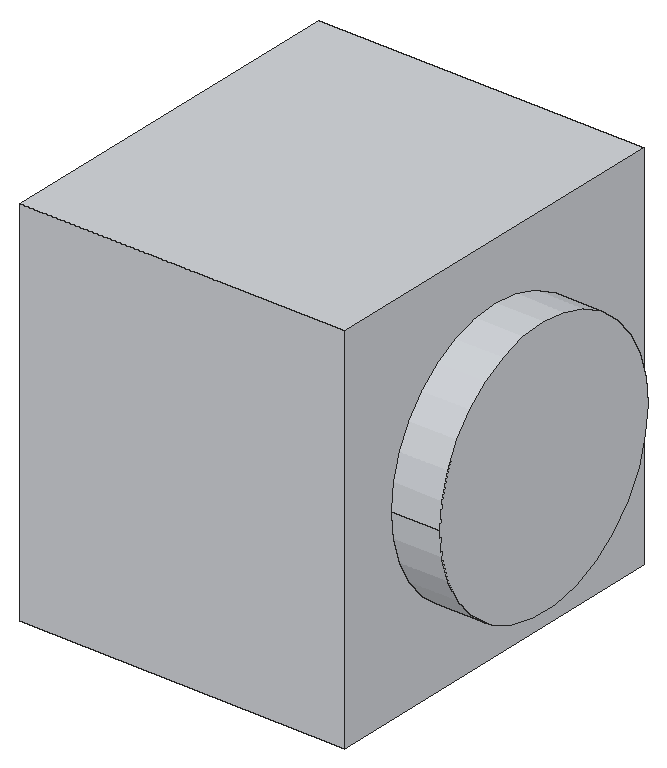
Revit family "ec7710347f3040aa915101915ac7aee1", category Duct Fittings, Revit 2021
Family settings
  Round Connector Dimension = Use Radius
  Part Type = Transition
  OmniClass Number = 23.75.70.11.14.24
  OmniClass Title = Air Mixers
  Seek Item ID = VAV Outlet Plenum - Transition-0000-USA-ENU
  Work Plane-Based = No
  Always vertical = Yes
  Cut with Voids When Loaded = No
  Shared = No
Parameters (values of type "Standard")
  Pressure Drop = 0.01 in-wg
  Plenum Width = Duct Width + 0' 1 1/2"  # 11 1/2"
  Plenum Material = none
  Plenum Length = 10"
  Plenum Height = Duct Height + 0' 1 1/2"  # 11 1/2"
  Length 4 = 0' 0 1/2" + Plenum Length  # 10 1/2"
  Length 3 = 0' 0 1/2" + Plenum Length  # 10 1/2"
  Length 1 = 0' 0 1/2"  # 1/2"
  Flow = 300 CFM
  Duct Width = 10"
  Duct Radius = 4"
  Duct Height = 10"
  Duct Diameter = Duct Radius * 2  # 8"
  Default Elevation = 0' - 0"
Reference planes (in)
  plane 1 "Center (Front/Back)": y = 0
  plane 2: z = 0
  plane 3 "Center (Left/Right)": x = 0
  plane 4: x = 0.5
  plane 5: x = 10.5
  plane 6: x = 12
  plane 7: y = 5.75
  plane 8: y = -5.75
  plane 9: z = 5.75
  plane 10: z = -5.75
Forms (in)
  Extrusion 1, solid, material <- "Plenum Material"
    sketch origin (0, 0, 0) x (1, 0, 0) y (0, 1, 0)
      loop
        line (0.5, 5.75) -> (0.5, -5.75) -> (10.5, -5.75) -> (10.5, 5.75) -> (0.5, 5.75)
    from -5.75 to 5.75
  Extrusion 2, solid, material <- "Plenum Material"
    sketch origin (0, 0, 0) x (0, 1, 0) y (0, 0, 1)
      loop
        line (5, 5) -> (-5, 5) -> (-5, -5) -> (5, -5) -> (5, 5)
    from 0.5 to 0
  Extrusion 3, solid, material <- "Plenum Material"
    sketch origin (0, 0, 0) x (0, 1, 0) y (0, 0, 1)
      loop
        circle (0, 0) r 4
    from 12 to 10.5
Dimensions and locks (in)
  locked: plane 3 "Center (Left/Right)" to plane 4 at 0.5
  "Plenum Length": plane 4 to plane 5
  locked: plane 5 to plane 6 at 1.5
  equal spacing: plane 7, plane 1 "Center (Front/Back)", plane 8
  "Plenum Width": plane 7 to plane 8
  equal spacing: plane 9, plane 2, plane 10
  "Plenum Height": plane 9 to plane 10
  equal spacing: Extrusion 2 sketch curve, plane 1 "Center (Front/Back)", Extrusion 2 sketch curve
  "Duct Width": Extrusion 2 sketch curve to Extrusion 2 sketch curve
  equal spacing: Extrusion 2 sketch curve, plane 2, Extrusion 2 sketch curve
  "Duct Height": Extrusion 2 sketch curve to Extrusion 2 sketch curve
  "Duct Radius": radius of Extrusion 3 sketch curve
  aligned and locked: plane 2 to level
  aligned and locked: Extrusion 1 sketch curve to plane 7
  aligned and locked: plane 4 to Extrusion 1 sketch curve
  aligned and locked: Extrusion 1 sketch curve to plane 8
  aligned and locked: Extrusion 1 sketch curve to plane 5
  aligned and locked: Extrusion 1 to plane 10
  aligned and locked: plane 9 to Extrusion 1
  aligned and locked: plane 2 to Extrusion 3 sketch curve
  aligned and locked: plane 1 "Center (Front/Back)" to Extrusion 3 sketch curve
  aligned and locked: plane 4 to Extrusion 2
  aligned and locked: Extrusion 2 to plane 3 "Center (Left/Right)"
  aligned and locked: Extrusion 3 to plane 5
  aligned and locked: plane 6 to Extrusion 3
Connectors (in)
  hvac at (0, 0, 0), driven by "Duct Height", driven by "Duct Width"
    settings: on Extrusion 2, index 1, duct flow 0 CFM, flow factor 0, pres drop 0.00 in-wg, loss coef 0, conn angle 0.00°, conn width 10", conn height 10", conn diameter 24", duct sys type 28, conn prof type 1, flow config 0, flow direction 0, loss method 0, conn ref index 2, conn util no, is conn primary yes, conn desc ""
  hvac at (12, 0, 0), driven by "Duct Radius"
    settings: on Extrusion 3, index 2, duct flow 0 CFM, flow factor 0, pres drop 0.00 in-wg, loss coef 0, conn angle 0.00°, conn width 12", conn height 12", conn diameter 8", duct sys type 28, conn prof type 0, flow config 0, flow direction 0, loss method 0, conn ref index 1, conn util no, is conn primary no, conn desc ""
